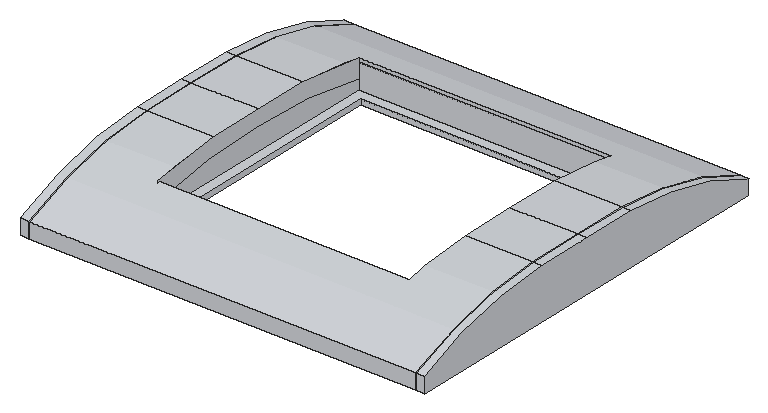
Revit family "Gira_1002768", category Electrical Fixtures, host Face, Revit 2017
Family settings
  Host = Face
  Maintain Annotation Orientation = No
  Round Connector Dimension = Use Diameter
  Part Type = Normal
  Cut with Voids When Loaded = No
  Shared = No
  Room Calculation Point = No
Parameters (values of type "Cov.fr. 2-g w/o cb interm.fr. AN Gira Event Clear brown")
  With mounting grid = "No"
  With hinged lid = "No"
  URL = "http://katalog.gira.de/en/datenblatt.html?artikelnr=1002768"
  Type of fastening = "Clamp mounting"
  Transparent = "No"
  Surface protection = "Other"
  Surface finishing = "Glossy"
  Suitable for wall duct = "No"
  Suitable for flush-mounted installation = "Yes"
  Suitable for floor box = "No"
  Suitable for built-in installation = "No"
  Number of units vertical = "2"
  Number of units horizontal = "2"
  Number of units = "2"
  Name = "Cov.fr. 2-g w/o cb interm.fr. AN Gira Event Clear brown"
  Mounting direction = "Horizontal and vertical"
  Material quality = "Thermoplastic"
  Material = "Plastic"
  Manufacturer URL = "https://www.gira.de/"
  Manufacturer = "Gira"
  Label space/information surface = "No"
  Keynote = ""
  HeinzeBIM = "https://bimportal.heinze.de/bim/cov-fr-2-g-w-o-cb-interm-fr-an-gira-event-clear-brown/f09d1f5b91e177e6aa539d33a2d72dae94d4a62b"
  Halogen free = "Yes"
  HAN = "1002768"
  GTIN = "4010337070344"
  Description = "Cov.fr.2g w o cb i.fr.AN EvCl BN,Gira Event Clear cover frame,brown with anthracite intermediate frame,2-gang without crossbar,Features:,- Shatter-proof."
  Degree of protection (IP) = "IP20"
  Default Elevation = 1219.2 mm
  Data sheet (1) = "https://katalog.gira.de/en/download.html?artikelnr=1002768"
  Colour = "Brown"
  Category = "Cover frame for domestic switching devices"
  BIM (1) = "https://media.stage.bim.site/public/gira/36a6b08/Event_Rahmen_2fach o.Mittelsteg.rfa?public/gira/36a6b08/Event_Rahmen_2fach o.Mittelsteg.rfa"
  Available = "No"
Reference planes
  plane 1 "Center (Front/Back)": y = 0
  plane 2: z = 0
  plane 3 "Center (Left/Right)": x = 0
Forms (mm)
  Extrusion 1, solid, detail levels fine
    sketch origin (0, 0, 1.55) x (0, 1, 0) y (0, 0, 1)
      loop
        arc (12.445, 9.683) -> (6.223, 9.833) -> (0, 9.85) r 291.636
        arc (0, 9.85) -> (-6.223, 9.833) -> (-12.445, 9.683) r 291.636
        arc (-12.445, 9.683) -> (-29.14, 7.482) -> (-45, 1.823) r 79.728
        line (-45, 1.823) -> (-45, -1.55) -> (-41.777, -1.55) -> (-41.777, -0.55)
        arc (-41.777, -0.55) -> (-21.205, 4.846) -> (0, 6.467) r 118.15
        arc (0, 6.467) -> (21.205, 4.846) -> (41.777, -0.55) r 118.15
        line (41.777, -0.55) -> (41.777, -1.55) -> (45, -1.55) -> (45, 1.823)
        arc (45, 1.823) -> (29.14, 7.482) -> (12.445, 9.683) r 79.728
    from -43 to 43
  Extrusion 2, void, detail levels fine
    sketch origin (0, 0, 0) x (1, 0, 0) y (0, 1, 0)
      loop
        line (-28, -28) -> (28, -28) -> (28, 28) -> (-28, 28) -> (-28, -28)
    from 2.85 to 12
  Extrusion 3, solid, detail levels coarse
    sketch origin (0, 0, 0) x (1, 0, 0) y (0, 1, 0)
      loop
        line (-45, 45) -> (-45, -45) -> (45, -45) -> (45, 45) -> (-45, 45)
    from 0 to 11.4
  Extrusion 4, solid, detail levels medium
    sketch origin (0, 0, 1.55) x (0, 1, 0) y (0, 0, 1)
      loop
        arc (12.445, 9.683) -> (6.223, 9.833) -> (0, 9.85) r 291.636
        arc (0, 9.85) -> (-6.223, 9.833) -> (-12.445, 9.683) r 291.636
        arc (-12.445, 9.683) -> (-29.14, 7.482) -> (-45, 1.823) r 79.728
        line (-45, 1.823) -> (-45, -1.55) -> (45, -1.55) -> (45, 1.823)
        arc (45, 1.823) -> (29.14, 7.482) -> (12.445, 9.683) r 79.728
    from -45 to 45
  Extrusion 5, solid, detail levels fine
    sketch origin (0, 0, 0) x (0, 1, 0) y (0, 0, 1)
      loop
        arc (45, 3.373) -> (29.14, 9.032) -> (12.445, 11.233) r 79.728
        arc (12.445, 11.233) -> (6.223, 11.383) -> (0, 11.4) r 291.636
        arc (0, 11.4) -> (-6.223, 11.383) -> (-12.445, 11.233) r 291.636
        arc (-12.445, 11.233) -> (-29.14, 9.032) -> (-45, 3.373) r 79.728
        line (-45, 3.373) -> (-45, 0) -> (45, 0) -> (45, 3.373)
    from 43 to 45
  Extrusion 6, solid, detail levels fine
    sketch origin (0, 0, 0) x (0, 1, 0) y (0, 0, -1)
      loop
        line (45, -3.373) -> (45, 0) -> (-45, 0) -> (-45, -3.373)
        arc (-45, -3.373) -> (-29.14, -9.032) -> (-12.445, -11.233) r 79.728
        arc (-12.445, -11.233) -> (-6.223, -11.383) -> (0, -11.4) r 291.636
        arc (0, -11.4) -> (6.223, -11.383) -> (12.445, -11.233) r 291.636
        arc (12.445, -11.233) -> (29.14, -9.032) -> (45, -3.373) r 79.728
    from 43 to 45
  Extrusion 7, solid, detail levels fine
    sketch origin (0, 0, 0) x (1, 0, 0) y (0, 1, 0)
      loop
        line (-25.7, 25.7) -> (-25.7, -25.7) -> (25.7, -25.7) -> (25.7, 25.7) -> (-25.7, 25.7)
      loop
        line (-29.495, 27.895) -> (-29.495, -27.895)
        spline (-29.495, -27.895) -> (-29.486, -28.025) -> (-29.461, -28.154) -> (-29.419, -28.278) -> (-29.361, -28.395) -> (-29.288, -28.504) -> (-29.202, -28.602) -> (-29.104, -28.688) -> (-28.995, -28.761) -> (-28.878, -28.819) -> (-28.754, -28.861) -> (-28.625, -28.886) -> (-28.495, -28.895)
        line (-28.495, -28.895) -> (28.495, -28.895)
        spline (28.495, -28.895) -> (28.625, -28.886) -> (28.754, -28.861) -> (28.878, -28.819) -> (28.995, -28.761) -> (29.104, -28.688) -> (29.202, -28.602) -> (29.288, -28.504) -> (29.361, -28.395) -> (29.419, -28.278) -> (29.461, -28.154) -> (29.486, -28.025) -> (29.495, -27.895)
        line (29.495, -27.895) -> (29.495, 27.895)
        spline (29.495, 27.895) -> (29.486, 28.025) -> (29.461, 28.154) -> (29.419, 28.278) -> (29.361, 28.395) -> (29.288, 28.504) -> (29.202, 28.602) -> (29.104, 28.688) -> (28.995, 28.761) -> (28.878, 28.819) -> (28.754, 28.861) -> (28.625, 28.886) -> (28.495, 28.895)
        line (28.495, 28.895) -> (-28.495, 28.895)
        spline (-28.495, 28.895) -> (-28.625, 28.886) -> (-28.754, 28.861) -> (-28.878, 28.819) -> (-28.995, 28.761) -> (-29.104, 28.688) -> (-29.202, 28.602) -> (-29.288, 28.504) -> (-29.361, 28.395) -> (-29.419, 28.278) -> (-29.461, 28.154) -> (-29.486, 28.025) -> (-29.495, 27.895)
    from 1.673 to 8.5
Cuts and joins
  Extrusion 2 cuts Extrusion 1
  Extrusion 2 cuts Extrusion 7
Dimensions and locks
  aligned and locked: plane 2 to host face
  aligned and locked: level to host face
